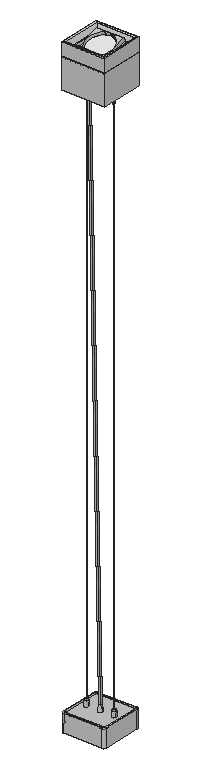
Revit family "Lighting-Luminii-Leto_44_Plus_P_A_SML new", category Lighting Fixtures, host Face, Revit 2020
Family settings
  Host = Face
  Round Connector Dimension = Use Diameter
  Part Type = Normal
  OmniClass Number = 23.80.70.11.14.11
  OmniClass Title = Downlights
  Cut with Voids When Loaded = No
  Light Source = Yes
  Shared = Yes
  Room Calculation Point = No
Parameters (values of type "Leto 44 Plus P A SML")
  Width = 0' - 5 73/128"  # constant formula
  Wattage Comments = "6.5W"
  Wattage = 6.49954 W
  Warranty URL = "https://www.luminii.com/terms-conditions/"
  built-in parameter 1150110 = 1 (stored number, unit not read)
  Voltage Comments = "120V | 277V | 347V"  # constant formula
  Voltage = 120 V
  Version = "2020 - v1.0a"  # constant formula
  URL = "https://www.luminii.com/"
  built-in parameter 1114217 = 1 (stored number, unit not read)
  Tilt Angle = -90.00°  # constant formula
  built-in parameter 1150109 = 1 (stored number, unit not read)
  built-in parameter 1150134 = (empty or 0)
  built-in parameter 1150113 = 1 (stored number, unit not read)
  Support Phone = "224-699-9545"  # constant formula
  Support Email = "mailto:support@bimsmith.com"
  Product Page URL = "https://www.luminii.com/product/leto-44-plus-p-a-sml/"
  Power Source Type = "Driver"  # constant formula
  Power Factor = 1
  Photometric Web File = "709A-A90-618-35-07-DL.ies"
  Phase = 1
  Operating Temperature = "Consult Manufacturer Website for more Information"  # constant formula
  Number of Poles = if(and(or(Voltage = 120 V, Voltage = 277 V), Phase = 1), 1, if(and(or(Voltage = 208 V, Voltage = 240 V), Phase = 1), 2, if(and(or(Voltage = 208 V, Voltage = 240 V), Phase = 3), 3, if(and(Voltage > 300 V, Phase = 1), 2, if(and(Voltage > 400 V, Phase = 3), 3, 1)))))  # 1
  Mounting Method = "Ceiling Mount"  # constant formula
  Model = "709A"  # constant formula
  Manufacturer Phone Number = "403-216-7043"  # constant formula
  Manufacturer Email = "mailto: info@sensolighting.com"
  Manufacturer Address = "302 50 Ave SE. Calgary, Alberta, T2G 2A9 Canada"  # constant formula
  Manufacturer = "Luminii"  # constant formula
  built-in parameter 1150105 = 55.704 (stored number, unit not read)
  Lumens = 700 lm
  Luminaire Type = "Asymetric Pendant LED Downlight"  # constant formula
  built-in parameter 1150115 = 1 (stored number, unit not read)
  Load Classification = Lighting
  built-in parameter 1150137 = (empty or 0)
  built-in parameter 1150139 = (empty or 0)
  Lens Material = Plastic - Luminii - Frosted Lens
  built-in parameter 1150112 = 1 (stored number, unit not read)
  built-in parameter 1150114 = 1 (stored number, unit not read)
  Lamp Life = 1
  Lamp = "LED"  # constant formula
  Keynote = "26 50 00"
  built-in parameter 1150132 = 2
  built-in parameter 1150102 = (empty or 0)
  built-in parameter 1150107 = 3500 (stored number, unit not read)
  Initial Color Comments = "Perfomance based on 3500K Photometric Web File"  # constant formula
  built-in parameter 1150138 = (empty or 0)
  built-in parameter 1150106 = 0.55704 (stored number, unit not read)
  Housing Protection Rating = "Consult Manufacturer Website for more Information"  # constant formula
  Height = 0' - 5 73/128"  # constant formula
  Has Dimming = 1 = 1  # yes
  Has Battery Backup = 0 = 1  # no
  Frequency Comments = ""  # constant formula
  Frequency = 60 Hz
  Finish = Metal - Luminii - Silver Anodized Aluminum
  Environment = "Indoor"  # constant formula
  built-in parameter 1150104 = 10.006 (stored number, unit not read)
  Dimming Type = "Consult Manufacturer Website for more Information"  # constant formula
  Dimming Lamp Color Temperature Shift = <None>
  Description = "Asymetric Pendant LED Downlight"  # constant formula
  Depth = 0' - 5 73/128"  # constant formula
  Default Elevation = 0' - 0"  # constant formula
  Current Amps = 50 A
  Copyright = "©2024 Luminii"  # constant formula
  Control Zone = "Consult Manufacturer Website for more Information"  # constant formula
  Control Type = "Consult Manufacturer Website for more Information"  # constant formula
  Constraints = 1  # constant formula
  Color Filter = 16777215
  built-in parameter 1114216 [instance] = 0  # (empty or 0)
  Canopy Finish = Metal - Luminii - Silver Anodized Aluminum
  built-in parameter 1140040 [instance] = 1 = 1  # 1
  CCT = "3500K"
  C Canopy Offset [instance] = 0' - 2 9/32"  # constant formula
  Desired Cable Length [instance] = 6' - 0"
  built-in parameter 1114218 = 1 (stored number, unit not read)
  built-in parameter 1150133 = 10 (stored number, unit not read)
  Assembly Code = "D5020200"
  Apparent Load = Wattage / Power Factor  # 6.49954 VA
  Actual Cable Length [instance] = if(Desired Cable Length < 1' 0", 1' 0", if(Desired Cable Length > 8' 0", 8' 0", Desired Cable Length))  # 6' - 0"
Reference planes (in)
  plane 1 "Center (Front/Back)": y = 0
  plane 2: z = 0
  plane 3 "Center (Left/Right)": x = 0
  plane 4: x = 0
  plane 5: x = 0
  plane 6: y = 3.70117
  plane 7: y = -1.86914
  plane 8 "B": z = 2.28125
  plane 9 "A": z = 74.28125
  plane 10: z = 79.85156
Forms (in)
  Extrusion 1, solid, material "Metal - Luminii - Silver Anodized Aluminum", not visible
    sketch origin (0, 0, 0) x (1, 0, 0) y (0, 1, 0)
      loop
        circle (0, 0) r 0.5
    from 0 to -0.17225
  Blend 2, solid, material "Metal - Luminii - Silver Anodized Aluminum"
    base sketch origin (0, 0, 2.99287) x (-1, 0, 0) y (0, -1, 0)
      loop
        circle (0, 0) r 0.115
    top sketch origin (0, 0, 2.99287) x (-1, 0, 0) y (0, -1, 0)
      loop
        circle (0, 1.77184) r 0.115
    from 0 to 70.91436
Dimensions and locks (in)
  equal spacing: plane 4, plane 3 "Center (Left/Right)", plane 5
  plane 6 to plane 1 "Center (Front/Back)" to plane 7 = 0' - 3.70117", 0' - 1.86914"
  plane 4 to plane 5 = 0' - 0"
  "Width": plane 6 to plane 7
  "C Canopy Offset": plane 8 "B" to host face
  "Actual Cable Length": plane 9 "A" to plane 8 "B"
  "Height": plane 10 to plane 9 "A"
  locked: plane 10 to imposter light at 0.89373
  aligned and locked: plane 2 to host face
  aligned and locked: plane 3 "Center (Left/Right)" to Extrusion 1 sketch curve
  aligned and locked: plane 1 "Center (Front/Back)" to Extrusion 1 sketch curve
  aligned and locked: plane 2 to Extrusion 1  (x2)
  aligned and locked: imposter light to plane 3 "Center (Left/Right)"
  aligned and locked: imposter light to plane 1 "Center (Front/Back)"
  aligned and locked: plane 3 "Center (Left/Right)" to nested 1
  aligned and locked: plane 1 "Center (Front/Back)" to nested 1
  aligned and locked: plane 3 "Center (Left/Right)" to nested 2
  aligned and locked: nested 2 to plane 1 "Center (Front/Back)"
  aligned and locked: Blend 2 to nested 1
Automatic sketch dimensions
  host sketch curve to host sketch curve = 8' - 0"  (x2)
  Blend 2 sketch curve to nested 2 = 0' - 1.77184"
  radius of Extrusion 1 sketch curve = 0' - 0 1/2"
  radius of Blend 2 sketch curve = 0' - 0.115"
Nested families (in)
  nested 1: "Nested - Lamp" at (0, 0, 74.28125), type "Nested - Lamp"
  nested 2: "Nested - Canopy" at (0, 0, 0) x (0, 1, 0) z (0, 0, 1), type "Default"
Connectors (in)
  electrical at (0, 0, 0), driven by "Number of Poles", driven by "Load Classification", driven by "Voltage", driven by "Apparent Load", driven by "Power Factor"
    settings: on Extrusion 1, index 1, voltage 120 V, apparent load 6.49954 VA, apparent load phase1 0 VA, apparent load phase2 0 VA, apparent load phase3 0 VA, power factor 1, load classification "Lighting", number of poles 1, system type 30, power factor state 1, is connector primary yes, connector utility no, sub classification motor no, connector description "Power Connection"
Definition of nested family "Nested - Lamp"
  Parameters (values of type "Nested - Lamp")
    Width = 0' - 5.57087"  # constant formula
    Screen Material = none
    Inner Screen = none
    Height = 0' - 6.49606"  # constant formula
    Finish = none
    Default Elevation = 4' - 0"
    Constraint = 3
  Reference planes (in)
    plane 1 "Center (Front/Back)": y = 0
    plane 2: z = 0
    plane 3 "Center (Left/Right)": x = 0
    plane 4: y = 2.78543
    plane 5: y = -2.78543
    plane 6: x = -2.78543
    plane 7: x = 2.78543
  Forms (in)
    Extrusion 1, solid
      sketch origin (0, 0, 0) x (1, 0, 0) y (0, 1, 0)
        loop
          line (-48, 48) -> (-48, -48) -> (48, -48) -> (48, 48) -> (-48, 48)
      from 0 to -12
    Sweep 2, solid, material <- "Finish", detail levels medium+fine
      path origin (-0.03362, 1.25, 6.49606) x (0, 1, 0) y (-1, 0, 0)
        loop
          line (1.53543, -2.81906) -> (1.53543, 2.75181) -> (-4.03543, 2.75181) -> (-4.03543, -2.81906) -> (1.53543, -2.81906)
      profile origin (2.78543, 0, 6.49606) x (1, 0, 0) y (0, 0, 1)
        loop
          line (0, -6.49606) -> (0, -2.69685) -> (-0.04724, -2.69685) -> (-0.04724, -2.57874) -> (0, -2.57874) -> (0, -0.9252) -> (-0.10635, -0.9252) -> (-0.30013, -0.99573) -> (-0.62144, -1.55512) -> (-0.71063, -1.55512) -> (-0.7348, -1.83138)
          arc (-0.7348, -1.83138) -> (-0.77582, -1.8724) -> (-0.81683, -1.83138) r 0.04102
          line (-0.81683, -1.83138) -> (-0.87226, -1.43701) -> (-0.99999, -1.43701) -> (-0.99999, -2.05919) -> (-0.21654, -2.05919) -> (-0.21654, -6.29921) -> (-0.07874, -6.29921) -> (-0.07874, -6.49606) -> (0, -6.49606)
    Extrusion 3, solid, material <- "Screen Material"
      sketch origin (0, 0.10595, 4.53579) x (1, 0, 0) y (0, 0.951057, 0.309017)
        loop
          circle (0, 0) r 1.68742
      from 0.14567 to 0.15757
    Extrusion 4, solid, material <- "Finish"
      sketch origin (1.59205, 1.89421, 4.18406) x (0, -0.951057, -0.309017) y (1, 0, 0)
        loop
          circle (1.59205, -1.59205) r 1.73767
        loop
          line (-0.19339, -3.37749) -> (3.37749, -3.37749) -> (3.37749, 0.19339) -> (-0.19339, 0.19339) -> (-0.19339, -3.37749)
      from 1.03279 to 1.42717
    Extrusion 5, solid, material <- "Finish"
      sketch origin (1.59205, 1.42603, 5.62498) x (0, -0.951057, -0.309017) y (1, 0, 0)
        loop
          circle (1.59205, -1.59205) r 1.73767
      from -0.48228 to -0.62795
    Extrusion 6, solid, material <- "Finish"
      sketch origin (-0.03362, 1.25, 8.28705) x (0, 1, 0) y (-1, 0, 0)
        loop
          line (-3.97638, -2.76) -> (1.47638, -2.76) -> (1.47638, 2.69275) -> (-3.97638, 2.69275) -> (-3.97638, -2.76)
        loop
          line (-3.02788, -0.34859) -> (-1.87992, -0.34859)
          arc (-1.87992, -0.34859) -> (-1.65721, -0.44084) -> (-1.56496, -0.66355) r 0.31496
          line (-1.56496, -0.66355) -> (-1.56496, -1.80493)
          arc (-1.56496, -1.80493) -> (-1.25, -2.11989) -> (-0.93504, -1.80493) r 0.31496
          line (-0.93504, -1.80493) -> (-0.93504, -0.66355)
          arc (-0.93504, -0.66355) -> (-0.84279, -0.44084) -> (-0.62008, -0.34859) r 0.31496
          line (-0.62008, -0.34859) -> (0.5213, -0.34859)
          arc (0.5213, -0.34859) -> (0.83626, -0.03362) -> (0.5213, 0.28134) r 0.31496
          line (0.5213, 0.28134) -> (-0.62008, 0.28134)
          arc (-0.62008, 0.28134) -> (-0.84279, 0.37359) -> (-0.93504, 0.5963) r 0.31496
          line (-0.93504, 0.5963) -> (-0.93504, 1.74425)
          arc (-0.93504, 1.74425) -> (-1.25, 2.05921) -> (-1.56496, 1.74425) r 0.31496
          line (-1.56496, 1.74425) -> (-1.56496, 0.5963)
          arc (-1.56496, 0.5963) -> (-1.65721, 0.37359) -> (-1.87992, 0.28134) r 0.31496
          line (-1.87992, 0.28134) -> (-3.02788, 0.28134)
          arc (-3.02788, 0.28134) -> (-3.34284, -0.03362) -> (-3.02788, -0.34859) r 0.31496
      from -8.1649 to -8.0902
    Extrusion 7, solid, material <- "Finish"
      sketch origin (-0.03362, 1.25, 8.28705) x (0, 1, 0) y (-1, 0, 0)
        loop
          line (-3.97638, -2.76) -> (1.47638, -2.76) -> (1.47638, 2.69275) -> (-3.97638, 2.69275) -> (-3.97638, -2.76)
        loop
          arc (-2.46239, 0.53411) -> (-2.58874, -0.03362) -> (-2.46239, -0.60136) r 1.33874
          arc (-2.46239, -0.60136) -> (-2.3038, -0.65359) -> (-2.2511, -0.49516) r 0.11824
          arc (-2.2511, -0.49516) -> (-2.35236, -0.03034) -> (-2.24833, 0.43387) r 1.10236
          arc (-2.24833, 0.43387) -> (-2.30676, 0.58778) -> (-2.46239, 0.53411) r 0.11824
        loop
          arc (-0.03761, 0.53411) -> (-0.19324, 0.58778) -> (-0.25167, 0.43387) r 0.11824
          arc (-0.25167, 0.43387) -> (-0.14764, -0.03034) -> (-0.2489, -0.49516) r 1.10236
          arc (-0.2489, -0.49516) -> (-0.1962, -0.65359) -> (-0.03761, -0.60136) r 0.11824
          arc (-0.03761, -0.60136) -> (0.08874, -0.03362) -> (-0.03761, 0.53411) r 1.33874
        loop
          arc (-0.68227, -1.24602) -> (-0.6286, -1.09038) -> (-0.78251, -1.03195) r 0.11824
          arc (-0.78251, -1.03195) -> (-1.24671, -1.13598) -> (-1.71153, -1.03472) r 1.10236
          arc (-1.71153, -1.03472) -> (-1.86997, -1.08742) -> (-1.81773, -1.24602) r 0.11824
          arc (-1.81773, -1.24602) -> (-1.25, -1.37236) -> (-0.68227, -1.24602) r 1.33874
        loop
          arc (-0.68227, 1.17877) -> (-1.25, 1.30511) -> (-1.81773, 1.17877) r 1.33874
          arc (-1.81773, 1.17877) -> (-1.86997, 1.02017) -> (-1.71153, 0.96747) r 0.11824
          arc (-1.71153, 0.96747) -> (-1.24671, 1.06873) -> (-0.78251, 0.9647) r 1.10236
          arc (-0.78251, 0.9647) -> (-0.6286, 1.02313) -> (-0.68227, 1.17877) r 0.11824
      from -7.81461 to -7.75481
    Revolve 8, solid
      sketch origin (0.31496, 0, -0.03937) x (1, 0, 0) y (0, 0, 1)
        loop
          line (-2.08661, -1.14219) -> (-1.97806, -1.14219) -> (-1.97806, -0.70819) -> (-1.88961, -0.70819) -> (-1.88961, 0.51181) -> (-2.08661, 0.51181) -> (-2.08661, -1.14219)
        axis (-2.08661, -1.14219) -> (-2.08661, 0.51181)
      angle from 0 to 360
    Revolve 9, solid
      sketch origin (-0.31496, 0, -0.03937) x (-1, 0, 0) y (0, 0, 1)
        loop
          line (-2.08661, -1.14219) -> (-1.97806, -1.14219) -> (-1.97806, -0.70819) -> (-1.88961, -0.70819) -> (-1.88961, 0.51181) -> (-2.08661, 0.51181) -> (-2.08661, -1.14219)
        axis (-2.08661, -1.14219) -> (-2.08661, 0.51181)
      angle from 0 to 360
    Sweep 10, solid, material <- "Finish", detail levels coarse
      path origin (-0.03362, 1.25, 6.49606) x (0, 1, 0) y (-1, 0, 0)
        loop
          line (1.53543, -2.81906) -> (1.53543, 2.75181) -> (-4.03543, 2.75181) -> (-4.03543, -2.81906) -> (1.53543, -2.81906)
      profile origin (2.78543, 0, 6.49606) x (1, 0, 0) y (0, 0, 1)
        loop
          line (0, -6.49606) -> (0, -0.9252) -> (-0.10635, -0.9252) -> (-0.30013, -0.99573) -> (-0.5536, -1.43701) -> (-0.99999, -1.43701) -> (-0.99999, -2.05919) -> (-0.21654, -2.05919) -> (-0.21654, -6.29921) -> (-0.07874, -6.29921) -> (-0.07874, -6.49606) -> (0, -6.49606)
    Extrusion 11, solid
      sketch origin (-0.03362, 1.25, 0.47244) x (-1, 0, 0) y (0, 1, 0)
        loop
          circle (-0.94898, 0.84646) r 0.23
      from 0 to 0.05
    Revolve 12, solid
      sketch origin (0, 0, 0) x (0, 1, 0) y (0, 0, 1)
        loop
          line (-1.77184, -0.37402) -> (-1.77184, 0.47244) -> (-2.06417, 0.47244) -> (-2.06417, 0.35445) -> (-1.94879, -0.37402) -> (-1.77184, -0.37402)
        axis (-1.77184, 0.47244) -> (-1.77184, -0.37402)
      angle from 0 to 360
  Lines and regions (in)
    reference lines
      curve 1: line (0, 0.37991, 4.86187) -> (0, -0.01379, 4.86187)
  Dimensions and locks (in)
    equal spacing: plane 4, plane 1 "Center (Front/Back)", plane 5
    "Width": plane 4 to plane 5
    equal spacing: plane 6, plane 3 "Center (Left/Right)", plane 7
    "Width": plane 6 to plane 7
    aligned and locked: plane 2 to Extrusion 1
    aligned and locked: level to Extrusion 1
    aligned and locked: Sweep 2 sketch curve to plane 7
    aligned and locked: Sweep 2 sketch curve to plane 6
    aligned and locked: Sweep 2 sketch curve to plane 4
    aligned and locked: Sweep 2 sketch curve to plane 5
  Automatic sketch dimensions
    Extrusion 1 sketch curve to Extrusion 1 sketch curve = 8' - 0"  (x2)
    profile plane to Sweep 2 sketch curve = 0' - 0"  (x2)
    Sweep 2 sketch curve to Sweep 2 sketch curve = 0' - 0.04724"
    Sweep 2 sketch curve to Sweep 2 sketch curve = 0' - 0.07874"
    profile plane to Sweep 2 sketch curve = 0' - 0.10635"
    Sweep 2 sketch curve to Sweep 2 sketch curve = 0' - 0.1378"
    Sweep 2 sketch curve to Sweep 2 sketch curve = 0' - 0.19378"
    profile plane to Sweep 2 sketch curve = 0' - 0.62144"
    Sweep 2 sketch curve to Sweep 2 sketch curve = 0' - 0.08919"
    Sweep 2 sketch curve to Sweep 2 sketch curve = 0' - 0.02417"
    Sweep 2 sketch curve to Sweep 2 sketch curve = 0' - 0.04102"
    Sweep 2 sketch curve to Sweep 2 sketch curve = 0' - 0.16163"
    Sweep 2 sketch curve to Sweep 2 sketch curve = 0' - 0.18316"
    Sweep 2 sketch curve to profile plane = 0' - 6.49606"
    Sweep 2 sketch curve to Sweep 2 sketch curve = 0' - 0.19685"
    Sweep 2 sketch curve to profile plane = 0' - 2.69685"
    Sweep 2 sketch curve to Sweep 2 sketch curve = 0' - 0.11811"  (x2)
    Sweep 2 sketch curve to Sweep 2 sketch curve = 0' - 0 133/256"
    Sweep 2 sketch curve to Sweep 2 sketch curve = 0' - 0.22781"
    Sweep 2 sketch curve to Sweep 2 sketch curve = 0' - 0.27626"
    Sweep 2 sketch curve to Sweep 2 sketch curve = 0' - 0.55939"
    Sweep 2 sketch curve to Sweep 2 sketch curve = 0' - 0.07053"
    Extrusion 6 sketch curve to plane 3 "Center (Left/Right)" = 0' - 0"  (x2)
    plane 1 "Center (Front/Back)" to Extrusion 6 sketch curve = 0' - 0"  (x2)
    Extrusion 6 sketch curve to Extrusion 6 sketch curve = 0' - 0.31496"  (x5)
    plane 1 "Center (Front/Back)" to Extrusion 6 sketch curve = 0' - 0.31496"
    Extrusion 6 sketch curve to plane 3 "Center (Left/Right)" = 0' - 0.31496"  (x2)
    Extrusion 6 sketch curve to plane 5 = 0' - 1.00756"
    Extrusion 6 sketch curve to plane 5 = 0' - 0.05906"
    Extrusion 6 sketch curve to plane 4 = 0' - 1.01413"
    Extrusion 6 sketch curve to plane 4 = 0' - 0.05906"
    Extrusion 6 sketch curve to plane 7 = 0' - 1.01413"
    Extrusion 6 sketch curve to plane 7 = 0' - 0.05906"
    Extrusion 6 sketch curve to plane 6 = 0' - 1.00756"
    Extrusion 6 sketch curve to plane 6 = 0' - 0.05906"
    Extrusion 7 sketch curve to Extrusion 7 sketch curve = 0' - 0"  (x56)
    plane 1 "Center (Front/Back)" to Extrusion 7 sketch curve = 0' - 0"
    Extrusion 7 sketch curve to plane 3 "Center (Left/Right)" = 0' - 0"
    plane 1 "Center (Front/Back)" to Extrusion 7 sketch curve = 0' - 0.51432"  (x2)
    Extrusion 7 sketch curve to plane 3 "Center (Left/Right)" = 0' - 0.51432"  (x2)
    Extrusion 7 sketch curve to Extrusion 7 sketch curve = 0' - 0.59258"  (x8)
    plane 3 "Center (Left/Right)" to Extrusion 7 sketch curve = 0' - 0.51432"  (x2)
    Extrusion 7 sketch curve to plane 5 = 0' - 0.05906"
    Extrusion 7 sketch curve to plane 1 "Center (Front/Back)" = 0' - 0.51432"  (x2)
    Extrusion 7 sketch curve to plane 4 = 0' - 0.05906"
    Extrusion 7 sketch curve to plane 7 = 0' - 0.05906"
    Extrusion 7 sketch curve to plane 6 = 0' - 0.05906"
    Extrusion 7 sketch curve to Extrusion 7 sketch curve = 0' - 0.05279"  (x2)
    Extrusion 7 sketch curve to Extrusion 7 sketch curve = 0' - 0.05342"  (x4)
    Extrusion 7 sketch curve to Extrusion 7 sketch curve = 0' - 0.10858"  (x2)
    Extrusion 7 sketch curve to Extrusion 7 sketch curve = 0' - 0.10581"  (x2)
    Extrusion 7 sketch curve to Extrusion 7 sketch curve = 0' - 0.10549"  (x4)
    Extrusion 7 sketch curve to Extrusion 7 sketch curve = 0' - 0.04683"  (x2)
    Revolve 8 sketch curve to plane 6 = 0' - 1.01378"
    Revolve 8 sketch curve to Revolve 8 sketch curve = 0' - 0.10856"
    Revolve 8 sketch curve to Revolve 8 sketch curve = 0' - 0.197"
    Revolve 8 sketch curve to level = 0' - 1.18156"
    Revolve 8 sketch curve to Revolve 8 sketch curve = 0' - 0.434"
    level to Revolve 8 sketch curve = 0' - 0.47244"
    Revolve 8 sketch curve to Revolve 8 sketch curve = 0' - 0"  (x2)
    Revolve 8 sketch curve to Revolve 8 sketch curve = 0' - 0.81454"
    plane 7 to Revolve 9 sketch curve = 0' - 1.01378"
    Revolve 9 sketch curve to Revolve 9 sketch curve = 0' - 0.10856"
    Revolve 9 sketch curve to Revolve 9 sketch curve = 0' - 0.197"
    level to Revolve 9 sketch curve = 0' - 1.18156"
    Revolve 9 sketch curve to Revolve 9 sketch curve = 0' - 0.434"
    Revolve 9 sketch curve to level = 0' - 0.47244"
    Revolve 9 sketch curve to Revolve 9 sketch curve = 0' - 0"  (x2)
    Revolve 9 sketch curve to Revolve 9 sketch curve = 0' - 0.81454"
    plane 5 to Sweep 10 sketch curve = 0' - 0"
    Sweep 10 sketch curve to plane 4 = 0' - 0"
    Sweep 10 sketch curve to plane 7 = 0' - 0"
    Sweep 10 sketch curve to plane 6 = 0' - 0"
    profile plane to Sweep 10 sketch curve = 0' - 0"
    profile plane to Sweep 10 sketch curve = 0' - 0.07874"
    Sweep 10 sketch curve to Sweep 10 sketch curve = 0' - 0.10635"
    Sweep 10 sketch curve to Sweep 10 sketch curve = 0' - 0.1378"
    Sweep 10 sketch curve to Sweep 10 sketch curve = 0' - 0.19378"
    Sweep 10 sketch curve to Sweep 10 sketch curve = 0' - 0.25347"
    Sweep 10 sketch curve to Sweep 10 sketch curve = 0' - 0.44639"
    Sweep 10 sketch curve to profile plane = 0' - 6.49606"
    Sweep 10 sketch curve to Sweep 10 sketch curve = 0' - 0.19685"
    Sweep 10 sketch curve to profile plane = 0' - 2.05919"
    Sweep 10 sketch curve to Sweep 10 sketch curve = 0' - 0.62218"
    Sweep 10 sketch curve to Sweep 10 sketch curve = 0' - 0.44128"
    Sweep 10 sketch curve to Sweep 10 sketch curve = 0' - 0.07053"
    Extrusion 7 to Extrusion 11 sketch curve = 0' - 0.62992"
    Extrusion 7 to Extrusion 11 sketch curve = 0' - 1.81102"
    Revolve 12 sketch curve to plane 5 = 0' - 0.72126"
    Revolve 12 sketch curve to level = 0' - 0.37402"
    Revolve 12 sketch curve to Revolve 12 sketch curve = 0' - 0.11538"
    Revolve 12 sketch curve to Revolve 12 sketch curve = 0' - 0.17695"
    level to Revolve 12 sketch curve = 0' - 0.35445"
    Revolve 12 sketch curve to Revolve 12 sketch curve = 0' - 0.11799"
    Revolve 12 sketch curve to Revolve 12 sketch curve = 0' - 0"  (x2)
    Revolve 12 sketch curve to Revolve 12 sketch curve = 0' - 0.17809"
    plane 1 "Center (Front/Back)" to curve 1 = 0' - 0.01379"
    level to curve 1 = 0' - 4.86187"
    curve 1 to plane 1 "Center (Front/Back)" = 0' - 0.37991"
    Extrusion 3 sketch curve to plane 3 "Center (Left/Right)" = 0' - 0"
    Extrusion 4 sketch curve to plane 3 "Center (Left/Right)" = 0' - 0"
    Extrusion 4 sketch curve to plane 6 = 0' - 1"
    Extrusion 4 sketch curve to Extrusion 4 sketch curve = 0' - 1.78544"  (x2)
    Extrusion 4 sketch curve to plane 7 = 0' - 1"
    Extrusion 5 sketch curve to plane 3 "Center (Left/Right)" = 0' - 0"
    radius of Extrusion 11 sketch curve = 0' - 0.23"
    radius of Extrusion 3 sketch curve = 0' - 1.68742"
    radius of Extrusion 4 sketch curve = 0' - 1.73767"
    radius of Extrusion 5 sketch curve = 0' - 1.73767"
Definition of nested family "Nested - Canopy"
  Parameters (values of type "Default")
    Square Canopy = no
    Round Canopy = yes
    Finish = none
    Feed Cable = 0' - 0.23"  # constant formula
    Default Elevation = 0' - 0"
    Cable Length = 6' - 0"
    Base = 0' - 5.67117"
    Aircraft Cable = 0' - 0.05"  # constant formula
  Reference planes (in)
    plane 1 "Center (Front/Back)": y = 0
    plane 2: z = 0
    plane 3 "Center (Left/Right)": x = 0
    plane 4: z = 74.28346
    plane 5: z = 2.28346
    plane 6: x = 2.83559
    plane 7: x = -2.83559
    plane 8: y = -2.83559
    plane 9: y = 2.83559
  Forms (in)
    Sweep 1, solid, material <- "Finish", detail levels medium+fine
      path origin (0, 0, 0) x (1, 0, 0) y (0, 1, 0)
        loop
          arc (-2.41835, 2.83559) -> (-2.71338, 2.71338) -> (-2.83559, 2.41835) r 0.41723
          line (-2.83559, 2.41835) -> (-2.83559, -2.41878)
          arc (-2.83559, -2.41878) -> (-2.71351, -2.71351) -> (-2.41878, -2.83559) r 0.4168
          line (-2.41878, -2.83559) -> (2.41578, -2.83559)
          arc (2.41578, -2.83559) -> (2.71263, -2.71263) -> (2.83559, -2.41578) r 0.41981
          line (2.83559, -2.41578) -> (2.83559, 2.41269)
          arc (2.83559, 2.41269) -> (2.71172, 2.71172) -> (2.41269, 2.83559) r 0.42289
          line (2.41269, 2.83559) -> (-2.41835, 2.83559)
      profile origin (-0.00283, 2.83559, 0) x (0, 1, 0) y (0, 0, 1)
        loop
          line (0, 0) -> (-0.07854, 2.24916)
          arc (-0.07854, 2.24916) -> (-0.08859, 2.27342) -> (-0.11284, 2.28346) r 0.0343
          line (-0.11284, 2.28346) -> (-0.22278, 2.28346) -> (-0.22278, 0) -> (0, 0)
    Extrusion 2, solid, material <- "Finish", detail levels medium+fine
      sketch origin (0, 0, 0) x (1, 0, 0) y (0, 1, 0)
        loop
          arc (-2.41835, 2.6128) -> (-2.55585, 2.55585) -> (-2.6128, 2.41835) r 0.19445
          line (-2.6128, 2.41835) -> (-2.6128, -2.41878)
          arc (-2.6128, -2.41878) -> (-2.55597, -2.55597) -> (-2.41878, -2.6128) r 0.19402
          line (-2.41878, -2.6128) -> (2.41578, -2.6128)
          arc (2.41578, -2.6128) -> (2.55509, -2.55509) -> (2.6128, -2.41578) r 0.19702
          line (2.6128, -2.41578) -> (2.6128, 2.41269)
          arc (2.6128, 2.41269) -> (2.55419, 2.55419) -> (2.41269, 2.6128) r 0.20011
          line (2.41269, 2.6128) -> (-2.41835, 2.6128)
      from 0 to 2.20472
    Revolve 3, solid, detail levels medium+fine
      sketch origin (0, 0, 0) x (0, 1, 0) y (0, 0, 1)
        loop
          line (2.02756, 2.20472) -> (2.02756, 2.80697) -> (1.93924, 2.80697) -> (1.93924, 3.00382) -> (1.77165, 3.00382) -> (1.77165, 2.20472) -> (2.02756, 2.20472)
        axis (1.77165, 2.20472) -> (1.77165, 3.00382)
      angle from 0 to 360
    Revolve 4, solid, detail levels medium+fine
      sketch origin (0, 0, 0) x (0, -1, 0) y (0, 0, 1)
        loop
          line (2.02756, 2.20472) -> (2.02756, 2.80697) -> (1.93924, 2.80697) -> (1.93924, 3.00382) -> (1.77165, 3.00382) -> (1.77165, 2.20472) -> (2.02756, 2.20472)
        axis (1.77165, 2.20472) -> (1.77165, 3.00382)
      angle from 0 to 360
    Revolve 5, solid, detail levels medium+fine
      sketch origin (0, 0, 0) x (0, 1, 0) y (0, 0, 1)
        loop
          line (0, 2.99287) -> (0, 2.20472) -> (0.29574, 2.20472) -> (0.17677, 2.99287) -> (0, 2.99287)
        axis (0, 2.99287) -> (0, 2.20472)
      angle from 0 to 360
    Extrusion 6, solid, material <- "Finish", detail levels coarse
      sketch origin (0, 0, 0) x (1, 0, 0) y (0, 1, 0)
        loop
          line (-2.83559, 2.83559) -> (-2.83559, -2.83559) -> (2.83559, -2.83559) -> (2.83559, 2.83559) -> (-2.83559, 2.83559)
      from 0 to 2.28346
    Revolve 7, solid, detail levels coarse
      sketch origin (0, 0, 0) x (0, 1, 0) y (0, 0, 1)
        loop
          line (2.02756, 2.28346) -> (2.02756, 2.80697) -> (1.93924, 2.80697) -> (1.93924, 3.00382) -> (1.77165, 3.00382) -> (1.77165, 2.28346) -> (2.02756, 2.28346)
        axis (1.77165, 2.28346) -> (1.77165, 3.00382)
      angle from 0 to 360
    Revolve 8, solid, detail levels coarse
      sketch origin (0, 0, 0) x (0, -1, 0) y (0, 0, 1)
        loop
          line (2.02756, 2.28346) -> (2.02756, 2.80697) -> (1.93924, 2.80697) -> (1.93924, 3.00382) -> (1.77165, 3.00382) -> (1.77165, 2.28346) -> (2.02756, 2.28346)
        axis (1.77165, 2.28346) -> (1.77165, 3.00382)
      angle from 0 to 360
    Revolve 9, solid, detail levels coarse
      sketch origin (0, 0, 0) x (0, 1, 0) y (0, 0, 1)
        loop
          line (0, 2.99287) -> (0, 2.28346) -> (0.28386, 2.28346) -> (0.17677, 2.99287) -> (0, 2.99287)
        axis (0, 2.99287) -> (0, 2.28346)
      angle from 0 to 360
    Extrusion 10, solid
      sketch origin (0, 0, 0) x (1, 0, 0) y (0, 1, 0)
        loop
          circle (0, 1.77165) r 0.025
        loop
          circle (0, -1.77165) r 0.025
      from 3.00382 to 74.28346
  Dimensions and locks (in)
    "Cable Length": plane 5 to plane 4
    equal spacing: plane 7, plane 3 "Center (Left/Right)", plane 6
    equal spacing: plane 9, plane 1 "Center (Front/Back)", plane 8
    "Base": plane 9 to plane 8
    "Base": plane 7 to plane 6
    aligned and locked: plane 2 to level
    aligned and locked: Sweep 1 sketch curve to plane 9
    aligned and locked: Sweep 1 sketch curve to plane 7
    aligned and locked: Sweep 1 sketch curve to plane 8
    aligned and locked: Sweep 1 sketch curve to plane 6
    aligned and locked: Extrusion 6 sketch curve to plane 9
    aligned and locked: Extrusion 6 sketch curve to plane 7
    aligned and locked: Extrusion 6 sketch curve to plane 8
    aligned and locked: Extrusion 6 sketch curve to plane 6
    aligned and locked: Extrusion 10 to Revolve 3
    aligned and locked: plane 4 to Extrusion 10
  Automatic sketch dimensions
    Sweep 1 sketch curve to plane 7 = 0' - 0.4168"
    Sweep 1 sketch curve to plane 7 = 0' - 0.41723"
    Sweep 1 sketch curve to Sweep 1 sketch curve = 0' - 0.42289"
    Sweep 1 sketch curve to plane 6 = 0' - 0.41981"
    Sweep 1 sketch curve to level = 0' - 0"
    Sweep 1 sketch curve to profile plane = 0' - 0"
    profile plane to Sweep 1 sketch curve = 0' - 0.07854"
    Sweep 1 sketch curve to Sweep 1 sketch curve = 0' - 0.0343"
    profile plane to Sweep 1 sketch curve = 0' - 0.22278"
    level to Sweep 1 sketch curve = 0' - 2.24916"
    Extrusion 2 sketch curve to plane 7 = 0' - 0.22278"
    Extrusion 2 sketch curve to plane 8 = 0' - 0.22278"
    Extrusion 2 sketch curve to Extrusion 2 sketch curve = 0' - 0.19402"
    Extrusion 2 sketch curve to plane 9 = 0' - 0.22278"
    Extrusion 2 sketch curve to Extrusion 2 sketch curve = 0' - 0.19445"
    Extrusion 2 sketch curve to plane 6 = 0' - 0.42289"
    Extrusion 2 sketch curve to plane 6 = 0' - 0.41981"
    Extrusion 2 sketch curve to Extrusion 2 sketch curve = 0' - 0.19702"
    plane 5 to Revolve 3 sketch curve = 0' - 0.07874"
    Revolve 3 sketch curve to plane 9 = 0' - 1.06393"
    Revolve 3 sketch curve to Revolve 3 sketch curve = 0' - 0.16759"
    Revolve 3 sketch curve to Revolve 3 sketch curve = 0' - 0.08831"
    Revolve 3 sketch curve to plane 5 = 0' - 0.5235"
    Revolve 3 sketch curve to Revolve 3 sketch curve = 0' - 0.19685"
    Revolve 3 sketch curve to Revolve 3 sketch curve = 0' - 0"  (x2)
    Revolve 3 sketch curve to Revolve 3 sketch curve = 0' - 0.11398"
    Revolve 4 sketch curve to plane 5 = 0' - 0.07874"
    plane 8 to Revolve 4 sketch curve = 0' - 1.06393"
    Revolve 4 sketch curve to Revolve 4 sketch curve = 0' - 0.16759"
    Revolve 4 sketch curve to Revolve 4 sketch curve = 0' - 0.08831"
    plane 5 to Revolve 4 sketch curve = 0' - 0.5235"
    Revolve 4 sketch curve to Revolve 4 sketch curve = 0' - 0.19685"
    Revolve 4 sketch curve to Revolve 4 sketch curve = 0' - 0"  (x2)
    Revolve 4 sketch curve to Revolve 4 sketch curve = 0' - 0.11398"
    Revolve 5 sketch curve to plane 1 "Center (Front/Back)" = 0' - 0"  (x2)
    Revolve 5 sketch curve to Revolve 5 sketch curve = 0' - 0.17677"
    plane 5 to Revolve 5 sketch curve = 0' - 0.07874"
    Revolve 5 sketch curve to plane 1 "Center (Front/Back)" = 0' - 0.29574"
    Revolve 5 sketch curve to plane 5 = 0' - 0.70941"
    Revolve 5 sketch curve to Revolve 5 sketch curve = 0' - 0.15349"
    Revolve 5 sketch curve to Revolve 5 sketch curve = 0' - 0 1/4"
    plane 5 to Revolve 7 sketch curve = 0' - 0"
    Revolve 7 sketch curve to plane 9 = 0' - 1.06393"
    Revolve 7 sketch curve to Revolve 7 sketch curve = 0' - 0.16759"
    Revolve 7 sketch curve to Revolve 7 sketch curve = 0' - 0.08831"
    Revolve 7 sketch curve to plane 5 = 0' - 0.5235"
    Revolve 7 sketch curve to Revolve 7 sketch curve = 0' - 0.19685"
    Revolve 7 sketch curve to Revolve 7 sketch curve = 0' - 0"  (x2)
    Revolve 7 sketch curve to Revolve 7 sketch curve = 0' - 0.11398"
    Revolve 9 sketch curve to plane 1 "Center (Front/Back)" = 0' - 0"  (x2)
    plane 5 to Revolve 9 sketch curve = 0' - 0"
    Revolve 9 sketch curve to Revolve 9 sketch curve = 0' - 0.17677"
    Revolve 9 sketch curve to plane 1 "Center (Front/Back)" = 0' - 0.28386"
    Revolve 9 sketch curve to Revolve 9 sketch curve = 0' - 0.70941"
    Revolve 9 sketch curve to Revolve 9 sketch curve = 0' - 0.15349"
    Revolve 9 sketch curve to Revolve 9 sketch curve = 0' - 0 1/4"
    plane 5 to Revolve 8 sketch curve = 0' - 0"
    plane 8 to Revolve 8 sketch curve = 0' - 1.06393"
    Revolve 8 sketch curve to Revolve 8 sketch curve = 0' - 0.16759"
    Revolve 8 sketch curve to Revolve 8 sketch curve = 0' - 0.08831"
    Revolve 8 sketch curve to Revolve 8 sketch curve = 0' - 0.5235"
    Revolve 8 sketch curve to Revolve 8 sketch curve = 0' - 0.19685"
    Revolve 8 sketch curve to Revolve 8 sketch curve = 0' - 0"  (x2)
    Revolve 8 sketch curve to Revolve 8 sketch curve = 0' - 0.11398"
    Extrusion 10 sketch curve to plane 3 "Center (Left/Right)" = 0' - 0"  (x2)
    Extrusion 10 sketch curve to plane 8 = 0' - 1.06393"
    Extrusion 10 sketch curve to plane 9 = 0' - 1.06393"
    radius of Extrusion 10 sketch curve = 0' - 0.025"  (x2)
